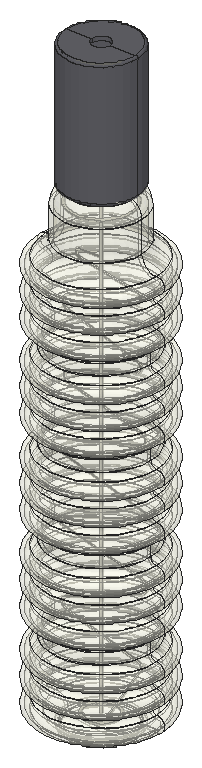
Revit family "LGB6", category Lighting Fixtures, Revit 2024
Family settings
  Round Connector Dimension = Use Diameter
  Part Type = Normal
  OmniClass Number = 23.80.70.00
  OmniClass Title = Lighting
  Work Plane-Based = No
  Always vertical = Yes
  Cut with Voids When Loaded = No
  Light Source = No
  Maintain Annotation Orientation = No
  Shared = No
  Room Calculation Point = No
Parameters
  Default Elevation = 0' - 0"
Reference planes (in)
  plane 1 "Light Source Axis (F/B)": y = 0
  plane 2: z = 0
  plane 3 "Light Source Axis (L/R)": x = 0
  plane 4 "Light Source Elevation": z = 54
Forms (in)
  Revolve 1, solid, material "78"
    sketch origin (0, 0, 3) x (1, 0, 0) y (0, 0, 1)
      loop
        arc (-0.9375, 68) -> (-0.98169, 67.98169) -> (-1, 67.9375) r 0.0625
        line (-1, 67.9375) -> (-1, 64.5625)
        arc (-1, 64.5625) -> (-0.98169, 64.51831) -> (-0.9375, 64.5) r 0.0625
        line (-0.9375, 64.5) -> (-0.90625, 64.5) -> (-0.90625, 67.90625) -> (-0.25, 67.90625) -> (-0.25, 68) -> (-0.9375, 68)
      axis (0, 68) -> (0, 64.5)
    angle from 0 to 360
  Revolve 2, solid, material "GENEVA BULB"
    sketch origin (0, 0, 3) x (1, 0, 0) y (0, 0, 1)
      loop
        arc (-0.88048, 64.42654) -> (-1.05495, 64.24589) -> (-1.11958, 64.0032) r 0.5
        line (-1.11958, 64.0032) -> (-1.125, 63.15625)
        arc (-1.125, 63.15625) -> (-1.24399, 62.86899) -> (-1.53125, 62.75) r 0.40625
        arc (-1.53125, 62.75) -> (-1.75, 62.53125) -> (-1.53125, 62.3125) r 0.21875
        arc (-1.53125, 62.3125) -> (-1.42187, 62.20312) -> (-1.53125, 62.09375) r 0.10937
        arc (-1.53125, 62.09375) -> (-1.75, 61.875) -> (-1.53125, 61.65625) r 0.21875
        arc (-1.53125, 61.65625) -> (-1.42187, 61.54687) -> (-1.53125, 61.4375) r 0.10937
        arc (-1.53125, 61.4375) -> (-1.75, 61.21875) -> (-1.53125, 61) r 0.21875
        arc (-1.53125, 61) -> (-1.42076, 60.95424) -> (-1.375, 60.84375) r 0.15625
        line (-1.375, 60.84375) -> (-1.375, 60.53125)
        arc (-1.375, 60.53125) -> (-1.42076, 60.42076) -> (-1.53125, 60.375) r 0.15625
        arc (-1.53125, 60.375) -> (-1.75, 60.15625) -> (-1.53125, 59.9375) r 0.21875
        arc (-1.53125, 59.9375) -> (-1.42187, 59.82812) -> (-1.53125, 59.71875) r 0.10937
        arc (-1.53125, 59.71875) -> (-1.75, 59.5) -> (-1.53125, 59.28125) r 0.21875
        arc (-1.53125, 59.28125) -> (-1.42187, 59.17187) -> (-1.53125, 59.0625) r 0.10937
        arc (-1.53125, 59.0625) -> (-1.75, 58.84375) -> (-1.53125, 58.625) r 0.21875
        arc (-1.53125, 58.625) -> (-1.42076, 58.57924) -> (-1.375, 58.46875) r 0.15625
        line (-1.375, 58.46875) -> (-1.375, 58.15625)
        arc (-1.375, 58.15625) -> (-1.42076, 58.04576) -> (-1.53125, 58) r 0.15625
        arc (-1.53125, 58) -> (-1.75, 57.78125) -> (-1.53125, 57.5625) r 0.21875
        arc (-1.53125, 57.5625) -> (-1.42187, 57.45312) -> (-1.53125, 57.34375) r 0.10937
        arc (-1.53125, 57.34375) -> (-1.75, 57.125) -> (-1.53125, 56.90625) r 0.21875
        arc (-1.53125, 56.90625) -> (-1.42187, 56.79687) -> (-1.53125, 56.6875) r 0.10937
        arc (-1.53125, 56.6875) -> (-1.75, 56.46875) -> (-1.53125, 56.25) r 0.21875
        arc (-1.53125, 56.25) -> (-1.42076, 56.20424) -> (-1.375, 56.09375) r 0.15625
        line (-1.375, 56.09375) -> (-1.375, 55.78125)
        arc (-1.375, 55.78125) -> (-1.42076, 55.67076) -> (-1.53125, 55.625) r 0.15625
        arc (-1.53125, 55.625) -> (-1.75, 55.40625) -> (-1.53125, 55.1875) r 0.21875
        arc (-1.53125, 55.1875) -> (-1.42187, 55.07812) -> (-1.53125, 54.96875) r 0.10937
        arc (-1.53125, 54.96875) -> (-1.75, 54.75) -> (-1.53125, 54.53125) r 0.21875
        arc (-1.53125, 54.53125) -> (-1.42187, 54.42187) -> (-1.53125, 54.3125) r 0.10937
        arc (-1.53125, 54.3125) -> (-1.75, 54.09375) -> (-1.53125, 53.875) r 0.21875
        arc (-1.53125, 53.875) -> (-1.42076, 53.82924) -> (-1.375, 53.71875) r 0.15625
        line (-1.375, 53.71875) -> (-1.375, 53.40625)
        arc (-1.375, 53.40625) -> (-1.42076, 53.29576) -> (-1.53125, 53.25) r 0.15625
        arc (-1.53125, 53.25) -> (-1.75, 53.03125) -> (-1.53125, 52.8125) r 0.21875
        arc (-1.53125, 52.8125) -> (-1.42187, 52.70312) -> (-1.53125, 52.59375) r 0.10937
        arc (-1.53125, 52.59375) -> (-1.75, 52.375) -> (-1.53125, 52.15625) r 0.21875
        arc (-1.53125, 52.15625) -> (-1.42187, 52.04687) -> (-1.53125, 51.9375) r 0.10937
        arc (-1.53125, 51.9375) -> (-1.75, 51.71875) -> (-1.53125, 51.5) r 0.21875
        line (-1.53125, 51.5) -> (-1.25, 51.5)
        arc (-1.25, 51.5) -> (-1.08656, 51.43918) -> (-1.00265, 51.28631) r 0.25
        arc (-1.00265, 51.28631) -> (-0.99963, 51.25412) -> (-0.99999, 51.2218) r 0.30945
        arc (-0.99999, 51.2218) -> (-0.9722, 51.14486) -> (-0.90278, 51.10158) r 0.125
        arc (-0.90278, 51.10158) -> (-0.45424, 51.02547) -> (0, 51) r 4.0625
        line (0, 51) -> (0, 51.09375)
        arc (0, 51.09375) -> (-0.44375, 51.11864) -> (-0.88194, 51.19298) r 3.96875
        arc (-0.88194, 51.19298) -> (-0.89913, 51.2036) -> (-0.90624, 51.2225) r 0.03125
        arc (-0.90624, 51.2225) -> (-0.906, 51.25448) -> (-0.90818, 51.28638) r 0.42312
        arc (-0.90818, 51.28638) -> (-1.02015, 51.50561) -> (-1.25, 51.59375) r 0.34375
        line (-1.25, 51.59375) -> (-1.53125, 51.59375)
        arc (-1.53125, 51.59375) -> (-1.65625, 51.71875) -> (-1.53125, 51.84375) r 0.125
        arc (-1.53125, 51.84375) -> (-1.32812, 52.04687) -> (-1.53125, 52.25) r 0.20312
        arc (-1.53125, 52.25) -> (-1.65625, 52.375) -> (-1.53125, 52.5) r 0.125
        arc (-1.53125, 52.5) -> (-1.32812, 52.70312) -> (-1.53125, 52.90625) r 0.20312
        arc (-1.53125, 52.90625) -> (-1.65625, 53.03125) -> (-1.53125, 53.15625) r 0.125
        arc (-1.53125, 53.15625) -> (-1.35447, 53.22947) -> (-1.28125, 53.40625) r 0.25
        line (-1.28125, 53.40625) -> (-1.28125, 53.71875)
        arc (-1.28125, 53.71875) -> (-1.35447, 53.89553) -> (-1.53125, 53.96875) r 0.25
        arc (-1.53125, 53.96875) -> (-1.65625, 54.09375) -> (-1.53125, 54.21875) r 0.125
        arc (-1.53125, 54.21875) -> (-1.32812, 54.42187) -> (-1.53125, 54.625) r 0.20312
        arc (-1.53125, 54.625) -> (-1.65625, 54.75) -> (-1.53125, 54.875) r 0.125
        arc (-1.53125, 54.875) -> (-1.32812, 55.07812) -> (-1.53125, 55.28125) r 0.20312
        arc (-1.53125, 55.28125) -> (-1.65625, 55.40625) -> (-1.53125, 55.53125) r 0.125
        arc (-1.53125, 55.53125) -> (-1.35447, 55.60447) -> (-1.28125, 55.78125) r 0.25
        line (-1.28125, 55.78125) -> (-1.28125, 56.09375)
        arc (-1.28125, 56.09375) -> (-1.35447, 56.27053) -> (-1.53125, 56.34375) r 0.25
        arc (-1.53125, 56.34375) -> (-1.65625, 56.46875) -> (-1.53125, 56.59375) r 0.125
        arc (-1.53125, 56.59375) -> (-1.32812, 56.79687) -> (-1.53125, 57) r 0.20312
        arc (-1.53125, 57) -> (-1.65625, 57.125) -> (-1.53125, 57.25) r 0.125
        arc (-1.53125, 57.25) -> (-1.32812, 57.45312) -> (-1.53125, 57.65625) r 0.20312
        arc (-1.53125, 57.65625) -> (-1.65625, 57.78125) -> (-1.53125, 57.90625) r 0.125
        arc (-1.53125, 57.90625) -> (-1.35447, 57.97947) -> (-1.28125, 58.15625) r 0.25
        line (-1.28125, 58.15625) -> (-1.28125, 58.46875)
        arc (-1.28125, 58.46875) -> (-1.35447, 58.64553) -> (-1.53125, 58.71875) r 0.25
        arc (-1.53125, 58.71875) -> (-1.65625, 58.84375) -> (-1.53125, 58.96875) r 0.125
        arc (-1.53125, 58.96875) -> (-1.32812, 59.17187) -> (-1.53125, 59.375) r 0.20312
        arc (-1.53125, 59.375) -> (-1.65625, 59.5) -> (-1.53125, 59.625) r 0.125
        arc (-1.53125, 59.625) -> (-1.32812, 59.82812) -> (-1.53125, 60.03125) r 0.20312
        arc (-1.53125, 60.03125) -> (-1.65625, 60.15625) -> (-1.53125, 60.28125) r 0.125
        arc (-1.53125, 60.28125) -> (-1.35447, 60.35447) -> (-1.28125, 60.53125) r 0.25
        line (-1.28125, 60.53125) -> (-1.28125, 60.84375)
        arc (-1.28125, 60.84375) -> (-1.35447, 61.02053) -> (-1.53125, 61.09375) r 0.25
        arc (-1.53125, 61.09375) -> (-1.65625, 61.21875) -> (-1.53125, 61.34375) r 0.125
        arc (-1.53125, 61.34375) -> (-1.32812, 61.54687) -> (-1.53125, 61.75) r 0.20312
        arc (-1.53125, 61.75) -> (-1.65625, 61.875) -> (-1.53125, 62) r 0.125
        arc (-1.53125, 62) -> (-1.32812, 62.20312) -> (-1.53125, 62.40625) r 0.20312
        arc (-1.53125, 62.40625) -> (-1.65625, 62.53125) -> (-1.53125, 62.65625) r 0.125
        arc (-1.53125, 62.65625) -> (-1.17781, 62.80258) -> (-1.03125, 63.15593) r 0.5
        line (-1.03125, 63.15593) -> (-1.02583, 64.0026)
        arc (-1.02583, 64.0026) -> (-0.96016, 64.22147) -> (-0.78673, 64.37027) r 0.40625
        line (-0.78673, 64.37027) -> (-0.78673, 65.93591) -> (-0.88048, 65.93591) -> (-0.88048, 64.42654)
      axis (0, 65.93591) -> (0, 51)
    angle from 0 to 360
  Revolve 3, solid, material "INTERNAL"
    sketch origin (0, 0, 3) x (1, 0, 0) y (0, 0, 1)
      loop
        circle (-0.81943, 64.07284) r 0.03201
      loop
        circle (-0.45706, 51.47004) r 0.03201
      loop
        line (-0.03125, 64.22167) -> (-0.03125, 51.47022) -> (0, 51.47022) -> (0, 64.22167) -> (-0.03125, 64.22167)
      axis (0, 64.22167) -> (0, 51.47004)
    angle from 0 to 360
  Sweep 4, solid, material "INTERNAL"
    path origin (0, 0, 3) x (1, 0, 0) y (0, 0, 1)
      loop
        line (-0.25, 64.5) -> (-0.25, 64.22199) -> (0.25, 64.22199) -> (0.25, 64.5)
    profile origin (-0.25, 0, 67.361) x (0, -1, 0) y (1, 0, 0)
      loop
        circle (0, 0) r 0.0312
  Extrusion 5, solid, material "LIGHT"
    sketch origin (0, 0, 3) x (1, 0, 0) y (0, 0, 1)
      loop
        line (-0.03125, 62.67154) -> (-0.03125, 62.70279) -> (-0.58206, 62.70279)
        arc (-0.58206, 62.70279) -> (-0.6944, 62.60075) -> (-0.6036, 62.47914) r 0.11286
        line (-0.6036, 62.47914) -> (0.9749, 62.17231)
        arc (0.9749, 62.17231) -> (1.07916, 62.04806) -> (0.9793, 61.92024) r 0.12887
        line (0.9793, 61.92024) -> (-0.88609, 61.48958)
        arc (-0.88609, 61.48958) -> (-1.05815, 61.28171) -> (-0.90277, 61.06109) r 0.22221
        line (-0.90277, 61.06109) -> (0.99133, 60.46544)
        arc (0.99133, 60.46544) -> (1.0886, 60.33234) -> (0.99027, 60.20001) r 0.13895
        line (0.99027, 60.20001) -> (-0.89784, 59.62276)
        arc (-0.89784, 59.62276) -> (-1.02831, 59.44318) -> (-0.89165, 59.26827) r 0.18442
        line (-0.89165, 59.26827) -> (1.09042, 58.73717)
        arc (1.09042, 58.73717) -> (1.20274, 58.59081) -> (1.09042, 58.44444) r 0.15153
        line (1.09042, 58.44444) -> (-1.2336, 57.82172)
        arc (-1.2336, 57.82172) -> (-1.34398, 57.68044) -> (-1.2386, 57.5354) r 0.14895
        line (-1.2386, 57.5354) -> (1.20361, 56.78874)
        arc (1.20361, 56.78874) -> (1.25407, 56.72055) -> (1.20361, 56.65236) r 0.07131
        line (1.20361, 56.65236) -> (-1.0852, 55.9526)
        arc (-1.0852, 55.9526) -> (-1.17129, 55.83411) -> (-1.08111, 55.71869) r 0.12169
        line (-1.08111, 55.71869) -> (1.09421, 55.13581) -> (1.12514, 55.12753)
        arc (1.12514, 55.12753) -> (1.24942, 54.97405) -> (1.14186, 54.80843) r 0.16799
        line (1.14186, 54.80843) -> (-0.98022, 53.99384)
        arc (-0.98022, 53.99384) -> (-1.08909, 53.82935) -> (-0.96901, 53.67285) r 0.16985
        line (-0.96901, 53.67285) -> (1.00712, 53.06868)
        arc (1.00712, 53.06868) -> (1.08461, 52.99579) -> (1.07395, 52.88993) r 0.12027
        line (1.07395, 52.88993) -> (0.19938, 51.49033) -> (0.22588, 51.47377) -> (1.10045, 52.87337)
        arc (1.10045, 52.87337) -> (1.11388, 53.00673) -> (1.01625, 53.09857) r 0.15152
        line (1.01625, 53.09857) -> (-0.95987, 53.70273)
        arc (-0.95987, 53.70273) -> (-1.05786, 53.83044) -> (-0.96902, 53.96467) r 0.1386
        line (-0.96902, 53.96467) -> (1.15306, 54.77926)
        arc (1.15306, 54.77926) -> (1.28063, 54.97569) -> (1.13323, 55.15771) r 0.19924
        line (1.13323, 55.15771) -> (-1.07302, 55.74887)
        arc (-1.07302, 55.74887) -> (-1.14004, 55.83465) -> (-1.07606, 55.92272) r 0.09044
        line (-1.07606, 55.92272) -> (1.21274, 56.62247)
        arc (1.21274, 56.62247) -> (1.28532, 56.72055) -> (1.21274, 56.81863) r 0.10256
        line (1.21274, 56.81863) -> (-1.22946, 57.56529)
        arc (-1.22946, 57.56529) -> (-1.31273, 57.6799) -> (-1.22551, 57.79153) r 0.1177
        line (-1.22551, 57.79153) -> (1.09851, 58.41425)
        arc (1.09851, 58.41425) -> (1.23399, 58.59081) -> (1.09851, 58.76736) r 0.18278
        line (1.09851, 58.76736) -> (-0.88357, 59.29845)
        arc (-0.88357, 59.29845) -> (-0.99707, 59.44373) -> (-0.8887, 59.59287) r 0.15317
        line (-0.8887, 59.59287) -> (0.99941, 60.17013)
        arc (0.99941, 60.17013) -> (1.11985, 60.33221) -> (1.00071, 60.49525) r 0.1702
        line (1.00071, 60.49525) -> (-0.89339, 61.0909)
        arc (-0.89339, 61.0909) -> (-1.02692, 61.28049) -> (-0.87906, 61.45913) r 0.19096
        line (-0.87906, 61.45913) -> (0.98633, 61.88979)
        arc (0.98633, 61.88979) -> (1.11041, 62.0486) -> (0.98086, 62.20299) r 0.16012
        line (0.98086, 62.20299) -> (-0.59763, 62.50982)
        arc (-0.59763, 62.50982) -> (-0.6633, 62.59775) -> (-0.58206, 62.67154) r 0.08161
        line (-0.58206, 62.67154) -> (-0.03125, 62.67154)
    from 0.01562 to -0.01562
Dimensions and locks (in)
  aligned and locked: level to plane 2
